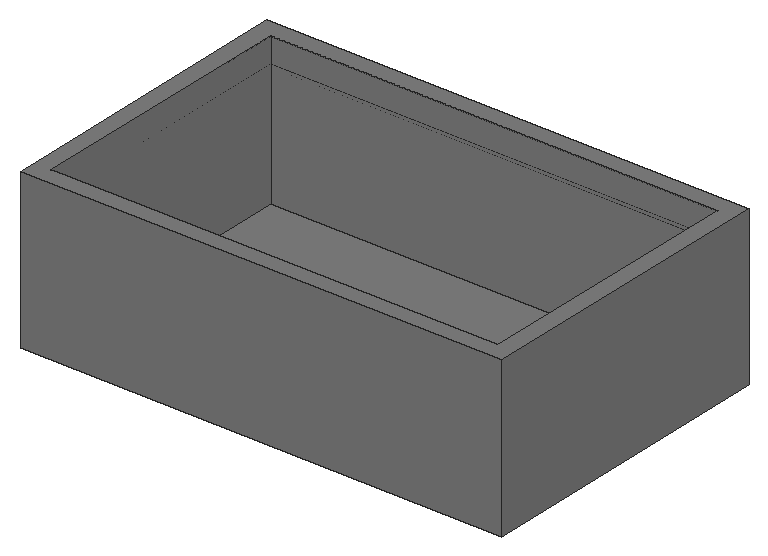
Revit family "Domotics-DomesticRanges-GEWISS-CHORUS_BOX_WALLMOUNTING_BLACK", category Apparecchi elettrici, host Superficie, Revit 2016
Family settings
  Host = Superficie
  Mantenere orientamento annotazione = No
  Tipo di parte = Normale
  Quota connettore circolare = Usa diametro
  Taglio con vuoti quando caricato = No
  Condiviso = No
  Punto di calcolo locali = No
Parameters (values of type "GW16774 - Wall box for one plates it st 4g black")
  Version file RFA = "18.0"
  URL = "https://www.gewiss.com/ww/en"
  Torque screws tightening = "0,8NM"
  Thermo-pressure with ball = "70 °C"
  Technical sheet = "https://www.gewiss.com/ww/en/search?q=GW16774"
  Support = "GW16804"
  Suitable for plates = "ONE"
  Standard; = "EN 60670-1"
  Standard = "EN 60670-1"
  SEO = "Box"
  Realized by GEWISS S.p.A. = ""
  Default Elevation = 1219.2 mm
  Produttore = "GEWISS S.p.A."
  Outer dim. LxHxD (mm) = "140x90x46"
  Modello = "GW16774"
  Material = "Technopolymer"
  Lunghezza = 140.2 mm
  Larghezza = 89.9 mm
  Installation temperature = "-5 +60 °C"
  Immagine tipo = GW16774.jpg
  IDT = "c93f3b70-7ef4-4ec4-9867-45809b3df11a"
  IDF = "55992473-bd7b-47c4-8840-9d1075a56553"
  Glow wire test: = "650 °C"
  Glow Wire Test = "650 °C"
  Electrocod = "0212"
  EAN code = "8011564279377"
  Distanza frutto [instance] = 7.291 mm
  Descrizione = "WALL BOX FOR ONE PLATES IT ST 4G BLACK"
  Description: = "4 gang"
  Colour = "Black"
  Characteristics = "Halogen free"
  Catalogue Range = "CHORUS - BOXES"
  Catalogue = "DOMOTICS"
  COBie.Tagnumber = ""
  COBie.CreatedOn = ""
  COBie.CreatebBy = ""
  COBie.ComponentRegisterItemID = ""
  COBie.Component.TagNumber = ""
  COBie.Component.Space = ""
  COBie.Component.SerialNumber = ""
  COBie.Component.InstallationDate = ""
  COBie.Component.Description = ""
  COBie.Component.BarCode = ""
  Altezza = 46 mm
Types (3, lengths in mm): name | URL | Technical sheet | Support | Produttore | Outer dim. LxHxD (mm) | Modello | Lunghezza | Immagine tipo | IDT | EAN code | Descrizione | Description:
  (no name) | 0 | "" | "" | "GEWISS" | "" | "GW16773" | 118 | GW16773.jpg | "" | "" | "SCAT.PARETE PL.ST.IT.ONE 3P NERO" | ""
  GW16774 - Wall box for one plates it st 4g black | "https://www.gewiss.com/ww/en" | "https://www.gewiss.com/ww/en/search?q=GW16774" | "GW16804" | "GEWISS S.p.A." | "140x90x46" | "GW16774" | 140.2 | GW16774.jpg | "c93f3b70-7ef4-4ec4-9867-45809b3df11a" | "8011564279377" | "WALL BOX FOR ONE PLATES IT ST 4G BLACK" | "4 gang"
  GW16773 - Wall box for one plates it st 3g black | "https://www.gewiss.com/ww/en" | "https://www.gewiss.com/ww/en/search?q=GW16773" | "GW16803" | "GEWISS S.p.A." | "118x90x46" | "GW16773" | 118 | GW16773.jpg | "a118ec8c-b410-45d1-b9a2-f57c2bbb2624" | "8011564278097" | "WALL BOX FOR ONE PLATES IT ST 3G BLACK" | "3 gang"
Values of the unnamed type that differ from the named types
  Version file RFA = ""
  Torque screws tightening = ""
  Thermo-pressure with ball = ""
  Suitable for plates = ""
  Standard; = ""
  Standard = ""
  SEO = ""
  Material = ""
  Installation temperature = ""
  IDF = ""
  Glow wire test: = ""
  Glow Wire Test = ""
  Electrocod = ""
  Colour = ""
  Characteristics = ""
  Catalogue Range = ""
  Catalogue = ""
Reference planes
  plane 1 "Centro (Fronte/Retro)": y = 0
  plane 2: z = 0
  plane 3 "Centro (Sinistra/Destra)": x = 0
  plane 4: x = -70.1
  plane 5: x = 70.1
  plane 6: y = 44.95
  plane 7: y = -44.95
  plane 8: x = -65.1
  plane 9: y = -39.95
  plane 10: x = 65.1
  plane 11: y = 39.95
  plane 12: z = 46
  plane 13: z = 2
  plane 14 "Piano frutto": z = 38.709
  plane 15: z = 37.709
Forms (mm)
  Extrusion 1, solid, material "GEWISS NERO"
    sketch origin (0, 0, 0) x (1, 0, 0) y (0, 1, 0)
      loop
        line (-70.1, 44.95) -> (-70.1, -44.95) -> (70.1, -44.95) -> (70.1, 44.95) -> (-70.1, 44.95)
      loop
        line (-65.1, 39.95) -> (-65.1, -39.95) -> (65.1, -39.95) -> (65.1, 39.95) -> (-65.1, 39.95)
    from 0 to 46
  Extrusion 2, solid, material "GEWISS NERO"
    sketch origin (0, 0, 0) x (1, 0, 0) y (0, 1, 0)
      loop
        line (-70.1, 44.95) -> (-70.1, -44.95) -> (70.1, -44.95) -> (70.1, 44.95) -> (-70.1, 44.95)
    from 0 to 2
  Extrusion 3, solid, material "sup_trasparente"
    sketch origin (0, 0, 38.709) x (0, -1, 0) y (1, 0, 0)
      loop
        line (-39.95, -65.1) -> (39.95, -65.1) -> (39.95, 65.1) -> (-39.95, 65.1) -> (-39.95, -65.1)
    from -1 to 0
Cuts and joins
  joined: Extrusion 1, Extrusion 2
Lines and regions (mm)
  model lines, style "InvisibleLines"
    curve 1: line (-65.1, 0, 38.709) -> (65.1, 0, 38.709)
Dimensions and locks
  equal spacing: plane 4, plane 3 "Centro (Sinistra/Destra)", plane 5
  "Lunghezza": plane 4 to plane 5
  equal spacing: plane 6, plane 1 "Centro (Fronte/Retro)", plane 7
  "Larghezza": plane 6 to plane 7
  locked: plane 4 to plane 8 at 5
  locked: plane 10 to plane 5 at 5
  locked: plane 6 to plane 11 at 5
  locked: plane 9 to plane 7 at 5
  "Altezza": plane 12 to host face
  locked: host face to plane 13 at 2
  "Distanza frutto": plane 12 to plane 14 "Piano frutto"
  locked: plane 14 "Piano frutto" to plane 15 at 1
  aligned and locked: plane 2 to host face
  aligned and locked: level to host face
  aligned and locked: Extrusion 1 sketch curve to plane 6
  aligned and locked: plane 4 to Extrusion 1 sketch curve
  aligned and locked: plane 7 to Extrusion 1 sketch curve
  aligned and locked: Extrusion 1 sketch curve to plane 5
  aligned and locked: Extrusion 1 sketch curve to plane 11
  aligned and locked: plane 8 to Extrusion 1 sketch curve
  aligned and locked: plane 9 to Extrusion 1 sketch curve
  aligned and locked: plane 10 to Extrusion 1 sketch curve
  aligned and locked: plane 12 to Extrusion 1
  aligned and locked: Extrusion 1 to level
  aligned and locked: Extrusion 2 sketch curve to Extrusion 1  (x4)
  aligned and locked: Extrusion 2 to host face
  aligned and locked: Extrusion 2 to plane 13
  aligned and locked: cut or joined group of Extrusion 1, Extrusion 2 to curve 1  (x2)
  aligned and locked: Extrusion 3 sketch curve to cut or joined group of Extrusion 1, Extrusion 2  (x4)
  aligned and locked: Extrusion 3 to plane 15
  aligned and locked: plane 14 "Piano frutto" to Extrusion 3
Automatic sketch dimensions
  host sketch curve to host sketch curve = 2438.4 mm  (x2)
  plane 1 "Centro (Fronte/Retro)" to curve 1 = 0 mm
